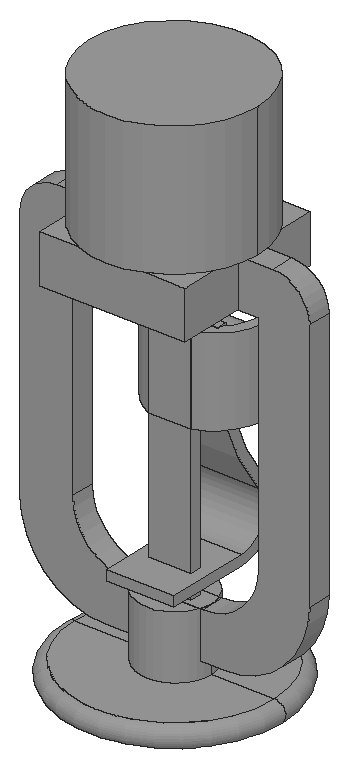
Revit family
Parameters (values of type "RASCO G PENDENT")
  Temperature Rating = 165 °F
  Response = (empty or 0)
  RASCO SIN # = "R1015"
  RASCO Part # = "GP1C"
  Pressure Rating = "175 PSI"
  Pressure Class = (empty or 0)
  Orifice Size = 1/2"
  Orifice = (empty or 0)
  Model = "G"
  Manufacturer = "RASCO"
  K-Factor = 5.62
  Description = "Chrome Finish"
  Coverage = (empty or 0)
Reference planes (in)
  plane 1 "Center (Front/Back)": y = 0
  plane 2: z = 0
  plane 3 "Center (Left/Right)": x = 0
Dimensions and locks (in)
  aligned and locked: plane 2 to level
Nested families (in)
  nested 1: "GP1C" at (-0.0055, -0.03793, 2.875) x (-1, 0, 0) z (0, 0, -1), type "RASCO G PENDENT"
Connectors (in)
  piping at (-0.0055, -0.03793, 2.875)
    settings: on nested 1, index 1, connector radius 0.43", flow factor 0, pipe flow 0 GPM, pressure drop 0.00 psi, fitting loss kfactor 0, connector angle 0.00°, fixture units 0, flow configuration 0, flow direction 0, fitting loss method 0, system type 7, connector reference index -1, connector utility 0, adjustable connector no, is connector primary yes, fitting loss table "", connector description ""
Definition of nested family "GP1C"
  Parameters (values of type "RASCO G PENDENT")
    Type Comments = ""
    Temperature Rating = 0 °F
    Response = (empty or 0)
    Pressure Rating = "0"
    Pressure Class = (empty or 0)
    Orifice Size = 0"
    Orifice = (empty or 0)
    Model = ""
    Manufacturer = ""
    K-Factor = 0
    Description = ""
    Coverage = (empty or 0)
    Assembly Code = ""
  Reference planes (in)
    plane 1 "Center (Front/Back)": y = 0
    plane 2: z = 0
    plane 3 "ref.2": z = 0.6875
    plane 4 "ref.3": z = 0.9375
    plane 5: x = -0.38065
    plane 6: x = 0.36935
    plane 7 "ref. side 1": y = 0.06402
    plane 8 "ref. side 2": y = -0.06098
    plane 9 "ref.4": z = 1.875
    plane 10 "ref.5": z = 2.875
    plane 11 "center": x = -0.00574
  Forms (in)
    Extrusion 1, solid, material "Default"
      sketch origin (0, 0, 0) x (1, 0, 0) y (0, 1, 0)
        loop
          circle (0, 0) r 0.438
      from 0 to 0.6875
    Extrusion 2, solid, material "Default"
      sketch origin (-0.12185, 0.05177, 0.6875) x (1, 0, 0) y (0, 1, 0)
        loop
          line (-0.2588, 0.356) -> (-0.2588, -0.4565) -> (0.4912, -0.4565) -> (0.4912, 0.356) -> (-0.2588, 0.356)
      from 0 to 0.25
    Extrusion 3, solid, material "Default"
      sketch origin (0, 0, 0) x (1, 0, 0) y (0, 0, 1)
        loop
          line (-0.49248, 0.9375) -> (-0.49248, 2.10276)
          arc (-0.49248, 2.10276) -> (-0.40724, 2.30855) -> (-0.20145, 2.39379) r 0.29103
          line (-0.20145, 2.39379) -> (0.18108, 2.39379)
          arc (0.18108, 2.39379) -> (0.38905, 2.30765) -> (0.47519, 2.09969) r 0.29411
          line (0.47519, 2.09969) -> (0.47519, 0.9375) -> (0.36935, 0.9375) -> (0.36935, 0.6875) -> (0.55741, 0.6875)
          arc (0.55741, 0.6875) -> (0.69165, 0.7431) -> (0.74725, 0.87734) r 0.18984
          line (0.74725, 0.87734) -> (0.74725, 2.19113)
          arc (0.74725, 2.19113) -> (0.61669, 2.50631) -> (0.3015, 2.63687) r 0.44574
          line (0.3015, 2.63687) -> (-0.30719, 2.63687)
          arc (-0.30719, 2.63687) -> (-0.62225, 2.50637) -> (-0.75275, 2.19131) r 0.44556
          line (-0.75275, 2.19131) -> (-0.75275, 0.87876)
          arc (-0.75275, 0.87876) -> (-0.69673, 0.74352) -> (-0.56149, 0.6875) r 0.19126
          line (-0.56149, 0.6875) -> (-0.38065, 0.6875) -> (-0.38065, 0.9375) -> (-0.49248, 0.9375)
      from -0.06402 to 0.06098
    Extrusion 4, solid, material "Default"
      sketch origin (-0.00199, 0, 2.4375) x (-1, 0, 0) y (0, -1, 0)
        loop
          circle (0.00574, -0.00152) r 0.1875
      from -0.04371 to 0.4375
    Revolve 5, solid, material "Default"
      sketch origin (-0.0011, 0, 0.30638) x (1, 0, 0) y (0, 0, 1)
        loop
          line (-0.00574, 2.41507) -> (-0.00574, 2.52719) -> (-0.52401, 2.52719)
          arc (-0.52401, 2.52719) -> (-0.58007, 2.47113) -> (-0.52401, 2.41507) r 0.05606
          line (-0.52401, 2.41507) -> (-0.00574, 2.41507)
        axis (-0.00574, 2.41507) -> (-0.00574, 2.52719)
      angle from 0 to 360
    Extrusion 6, solid, material "Default"
      sketch origin (0, 0, 0.9375) x (-1, 0, 0) y (0, -1, 0)
        loop
          line (-0.10175, -0.02852) -> (0.11324, -0.02852) -> (0.11324, 0.03101) -> (-0.10175, 0.03101) -> (-0.10175, -0.02852)
      from 0 to 1.45629
    Extrusion 7, solid, material "Default"
      sketch origin (-0.00574, -0.0095, -0.07537) x (0, 0, -1) y (0, -1, 0)
        loop
          line (-2.39379, 0.21198) -> (-2.39379, -0.229)
          arc (-2.39379, -0.229) -> (-2.26956, -0.41579) -> (-2.04926, -0.37342) r 0.20254
          arc (-2.04926, -0.37342) -> (-1.6599, -0.16721) -> (-1.22163, -0.12207) r 1.15319
          line (-1.22163, -0.12207) -> (-1.22163, -0.07087)
          arc (-1.22163, -0.07087) -> (-1.6782, -0.11947) -> (-2.0834, -0.33544) r 1.20419
          arc (-2.0834, -0.33544) -> (-2.24878, -0.36919) -> (-2.34279, -0.229) r 0.15154
          line (-2.34279, -0.229) -> (-2.34279, 0.21198) -> (-2.39379, 0.21198)
      from -0.17255 to 0.17398
    Extrusion 8, solid, material "Default"
      sketch origin (0, 0, 0) x (1, 0, 0) y (0, 1, 0)
        loop
          arc (0.23993, 0.23051) -> (0.19768, 0.11115) -> (0.10175, 0.02852) r 0.24647
          line (0.10175, 0.02852) -> (-0.11324, 0.02852)
          arc (-0.11324, 0.02852) -> (-0.21767, 0.12447) -> (-0.25194, 0.2621) r 0.24647
          line (-0.25194, 0.2621) -> (-0.25194, 0.40777) -> (-0.30719, 0.40777) -> (-0.30719, 0.25942)
          arc (-0.30719, 0.25942) -> (-0.25653, 0.08328) -> (-0.11324, -0.03101) r 0.30157
          line (-0.11324, -0.03101) -> (0.10175, -0.03101)
          arc (0.10175, -0.03101) -> (0.24461, 0.08262) -> (0.29574, 0.25785) r 0.30157
          line (0.29574, 0.25785) -> (0.29574, 0.40777) -> (0.23993, 0.40777) -> (0.23993, 0.23051)
      from 1.14626 to 1.59756
    Extrusion 9, solid, material "Default"
      sketch origin (-0.00574, -0.0095, -0.07537) x (0, 0, -1) y (0, -1, 0)
        loop
          circle (-1.44728, -0.26892) r 0.13147
      from -0.24568 to 0.24619
  Cuts and joins
    joined: Extrusion 1, Extrusion 2, Revolve 5
  Dimensions and locks (in)
    plane 10 "ref.5" to level = 2.875"
